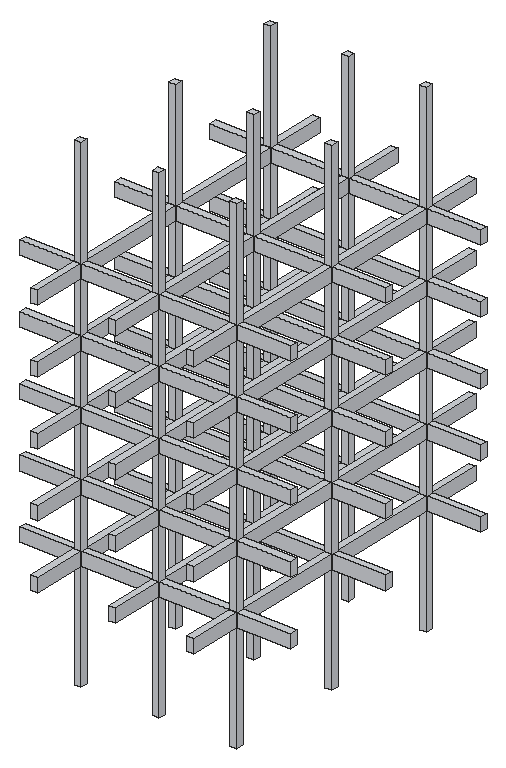
Revit family "3D_Trellis", category Generic Models, Revit 2022
Family settings
  Can host rebar = No
  Round Connector Dimension = Use Diameter
  Part Type = Normal
  Work Plane-Based = No
  Always vertical = Yes
  Cut with Voids When Loaded = No
  Maintain Annotation Orientation = No
  Shared = No
  Room Calculation Point = No
Parameters
  Width Member Spacing [instance] = 6' - 0"
  Width [instance] = 18' - 0"
  Vertical Member Width [instance] = 0' - 6"
  Vertical Member No. [instance] = Width / Width Member Spacing  # 3
  Vertical Member Length [instance] = 0' - 6"
  Vertical Member Extension [instance] = 8' - 0"
  Material [instance] = none
  Length Member Spacing [instance] = 4' - 0"
  Length [instance] = 12' - 0"
  Horizontal Member Width [instance] = 0' - 6"
  Horizontal Member Extension [instance] = 8' - 0"
  Horizontal Member Height [instance] = 1' - 0"
  Horizontal Grid No. [instance] = Height / Height Member Spacing  # 5
  Height Member Spacing [instance] = 4' - 0"
  Height [instance] = 20' - 0"
  Final Height [instance] = Height + (Vertical Member Extension * 2)  # 36' - 0"
  Default Elevation = 0' - 0"
Reference planes (in)
  plane 1 "Center (Front/Back)": y = 0
  plane 2: z = 0
  plane 3 "Center (Left/Right)": x = 0
  plane 4: y = 108
  plane 5: x = 72
  plane 6: y = -108
  plane 7: x = -72
  plane 8: z = 240
  plane 9: z = -96
Dimensions and locks (in)
  equal spacing: plane 7, plane 3 "Center (Left/Right)", plane 5
  equal spacing: plane 4, plane 1 "Center (Front/Back)", plane 6
  "Length": plane 7 to plane 5
  "Width": plane 6 to plane 4
  "Height": plane 8 to level
  equal spacing: group 1, group 3, group 4, group 5, group 2  (x3)
  "Vertical Member Extension": level to plane 9
  equal spacing: group 6, group 8, group 7  (x3)
  aligned and locked: plane 2 to level
  aligned and locked: nested 1 to plane 1 "Center (Front/Back)"
  aligned and locked: nested 2 to plane 7
  aligned and locked: nested 3 to plane 8
  aligned and locked: nested 3 to plane 3 "Center (Left/Right)"
  aligned and locked: nested 1 to level
  aligned and locked: plane 9 to nested 2  (x2)
  aligned and locked: plane 6 to nested 2
  aligned and locked: nested 7 to plane 4
  aligned and locked: plane 9 to nested 7
  aligned and locked: nested 7 to plane 7
Nested families (in)
  nested 1: "horizontal_grid" at (0, 0, 0) x (0, -1, 0) z (0, 0, 1), type "horizontal_grid"
  nested 2: "vertical_grid" at (-72, -105, -96), type "vertical_grid"
  nested 3: "horizontal_grid" at (0, 0, 228) x (0, -1, 0) z (0, 0, 1), type "horizontal_grid"
  nested 4: "horizontal_grid" at (0, 0, 57) x (0, -1, 0) z (0, 0, 1), type "horizontal_grid"
  nested 5: "horizontal_grid" at (0, 0, 114) x (0, -1, 0) z (0, 0, 1), type "horizontal_grid"
  nested 6: "horizontal_grid" at (0, 0, 171) x (0, -1, 0) z (0, 0, 1), type "horizontal_grid"
  nested 7: "vertical_grid" at (-72, 105, -96), type "vertical_grid"
  nested 8: "vertical_grid" at (-72, 0, -96), type "vertical_grid"
Definition of nested family "horizontal_grid"
  Parameters (values of type "horizontal_grid")
    Width Spacing = 6' - 0"
    Width No. = Base Width / Width Spacing  # 3
    Overhang Offset = 8' - 0"
    Material = none
    Final Width = Base Width + Overhang Offset  # 26' - 0"
    Final Length = Base Length + Overhang Offset  # 20' - 0"
    Base Width = 18' - 0"
    Mullion Width = 0' - 6"
    Mullion Height = 1' - 0"
    Length Spacing = 4' - 0"
    Length No. = Base Length / Length Spacing  # 3
    Base Length = 12' - 0"
    Default Elevation = 0' - 0"
  Reference planes (in)
    plane 1 "Center (Front/Back)": y = 0
    plane 2: z = 0
    plane 3 "Center (Left/Right)": x = 0
    plane 4: y = 72
    plane 5: x = 108
    plane 6: y = -72
    plane 7: x = -108
  Dimensions and locks (in)
    equal spacing: plane 7, plane 3 "Center (Left/Right)", plane 5
    equal spacing: plane 4, plane 1 "Center (Front/Back)", plane 6
    "Base Length": plane 4 to plane 6
    "Base Width": plane 7 to plane 5
    equal spacing: group 2, group 6, group 1
    equal spacing: group 1, group 6, group 2  (x2)
    equal spacing: group 3, group 5, group 4  (x2)
    equal spacing: group 4, group 5, group 3
    aligned and locked: plane 2 to level
    aligned and locked: nested 1 to plane 4
    aligned and locked: nested 3 to plane 1 "Center (Front/Back)"
    aligned and locked: nested 3 to plane 7
    aligned and locked: nested 4 to plane 3 "Center (Left/Right)"
    aligned and locked: nested 4 to plane 6
    aligned and locked: plane 3 "Center (Left/Right)" to nested 1
    aligned and locked: plane 1 "Center (Front/Back)" to nested 2
    aligned and locked: nested 2 to plane 5
  Nested families (in)
    nested 1: "single_member" at (0, 69, 0), type "Width Member"
    nested 2: "single_member" at (105, 0, 0), type "Length Member"
    nested 3: "single_member" at (-105, 0, 0), type "Length Member"
    nested 4: "single_member" at (0, -69, 0), type "Width Member"
    nested 5: "single_member" at (0, 0, 0), type "Width Member"
    nested 6: "single_member" at (0, 0, 0), type "Length Member"
  Definition of nested family "single_member"
    Parameters (values of type "Length Member")
      Width = 0' - 6"
      Material = none
      Length = 20' - 0"
      Height = 1' - 0"
      Default Elevation = 0' - 0"
    Types (2): name | Width | Length
      Length Member | 0' - 6" | 20' - 0"
      Width Member | 26' - 0" | 0' - 6"
    Reference planes (in)
      plane 1 "Center (Front/Back)": y = 0
      plane 2: z = 0
      plane 3 "Center (Left/Right)": x = 0
      plane 4: z = 12
    Forms (in)
      Sweep 1, solid, material <- "Material"
        path origin (0, 0, 0) x (1, 0, 0) y (0, 0, 1)
          loop
            line (0, 0) -> (0, 12)
        profile origin (0, 0, 6) x (-1, 0, 0) y (0, -1, 0)
          loop
            line (3, -120) -> (3, 120) -> (-3, 120) -> (-3, -120) -> (3, -120)
    Dimensions and locks (in)
      "Height": plane 4 to level
      equal spacing: Sweep 1 sketch curve, profile plane, Sweep 1 sketch curve  (x2)
      "Length": Sweep 1 sketch curve to Sweep 1 sketch curve
      "Width": Sweep 1 sketch curve to Sweep 1 sketch curve
      aligned and locked: plane 2 to level
      aligned and locked: plane 4 to Sweep 1 sketch curve
      aligned and locked: level to Sweep 1 sketch curve
    Automatic sketch dimensions
      Sweep 1 sketch curve to plane 3 "Center (Left/Right)" = 0' - 0"
Definition of nested family "vertical_grid"
  Parameters (values of type "vertical_grid")
    Width = 12' - 0"
    Spacing = 4' - 0"
    No. = Width / Spacing  # 3
    Mullion Width = 0' - 6"
    Mullion Length = 0' - 6"
    Material = none
    Height = 36' - 0"
    Default Elevation = 0' - 0"
  Reference planes (in)
    plane 1 "Center (Front/Back)": y = 0
    plane 2: z = 0
    plane 3 "Center (Left/Right)": x = 0
    plane 4: z = 432
    plane 5: x = 144
  Dimensions and locks (in)
    "Height": plane 4 to level
    "Width": plane 3 "Center (Left/Right)" to plane 5
    equal spacing: group 1, group 3, group 2  (x3)
    aligned and locked: plane 2 to level
    aligned and locked: plane 1 "Center (Front/Back)" to nested 1
    aligned and locked: level to nested 1
    aligned and locked: nested 1 to plane 3 "Center (Left/Right)"
    aligned and locked: nested 2 to level
    aligned and locked: plane 5 to nested 2
  Nested families (in)
    nested 1: "single_member" at (3, 0, 0), type "single_member"
    nested 2: "single_member" at (141, 0, 0), type "single_member"
    nested 3: "single_member" at (72, 0, 0), type "single_member"
  Definition of nested family "single_member"
    Parameters (values of type "single_member")
      Width = 0' - 6"
      Material = none
      Length = 0' - 6"
      Height = 36' - 0"
      Default Elevation = 0' - 0"
    Reference planes (in)
      plane 1 "Center (Front/Back)": y = 0
      plane 2: z = 0
      plane 3 "Center (Left/Right)": x = 0
      plane 4: z = 432
    Forms (in)
      Sweep 1, solid, material <- "Material"
        path origin (0, 0, 0) x (1, 0, 0) y (0, 0, 1)
          loop
            line (0, 0) -> (0, 432)
        profile origin (0, 0, 216) x (-1, 0, 0) y (0, -1, 0)
          loop
            line (3, -3) -> (3, 3) -> (-3, 3) -> (-3, -3) -> (3, -3)
    Dimensions and locks (in)
      "Height": plane 4 to level
      equal spacing: Sweep 1 sketch curve, profile plane, Sweep 1 sketch curve  (x2)
      "Length": Sweep 1 sketch curve to Sweep 1 sketch curve
      "Width": Sweep 1 sketch curve to Sweep 1 sketch curve
      aligned and locked: plane 2 to level
      aligned and locked: plane 4 to Sweep 1 sketch curve
      aligned and locked: level to Sweep 1 sketch curve
    Automatic sketch dimensions
      Sweep 1 sketch curve to plane 3 "Center (Left/Right)" = 0' - 0"
